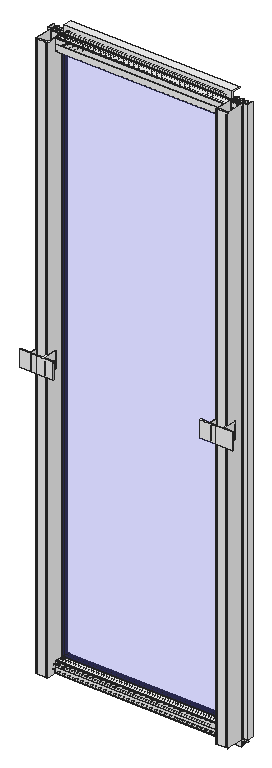
Revit family "Facade_60_Curtain_Wall_I11_Custom", category Windows, host Wall, Revit 2014
Parameters (values of type "F60-I11-Custom")
  Windload Design [instance] = if(Custom Windload < 1001 mm, 1000 mm, if(Custom Windload < 1501 mm, 1500 mm, 2000 mm))  # 1000 mm
  Width [instance] = if(Custom Curtain Wall Width < Limit Door Width Min, Limit Door Width Min, if(Custom Curtain Wall Width > Limit Door Width Max, Limit Door Width Max, Custom Curtain Wall Width))  # 1000 mm
  Wall Thickness [instance] = 200 mm
  Vertical Profile Length [instance] = Height - Frame Bottom Gap  # 2970 mm
  URL = "http://www.crealco.co.za/crealco-products.php"
  Type Comments = ""
  Thermal Resistance (R) [instance] = if(IGDB or SAGDB Number = 100100, 1.0000 (m²·K)/W / Intruderprufe U Value, if(IGDB or SAGDB Number = 100100, 1.0000 (m²·K)/W / Intruderprufe U Value, if(IGDB or SAGDB Number = 105003, 1.0000 (m²·K)/W / Intruderprufe Insulated U Value, if(IGDB or SAGDB Number = 105004, 1.0000 (m²·K)/W / Intruderprufe Insulated LowE U Value, 1.0000 (m²·K)/W / 7.9)))) * 1  # 0.126582 (m²·K)/W
  Thermal Break Material = Plastic, Opaque Black
  Solar Heat Gain Coefficient [instance] = if(IGDB or SAGDB Number = 100100, Intruderprufe SHGC Value, if(IGDB or SAGDB Number = 103200, Intruderprufe LowE SHGC Value, if(IGDB or SAGDB Number = 105003, Intruderprufe Insulated SHGC Value, if(IGDB or SAGDB Number = 105004, Intruderprufe Insulated LowE SHGC Value, 0))))  # 0
  Single Glazing [instance] = if(DG Forced, 1 = 0, not(Double Glazing))  # yes
  Sill Height = 85 mm  # constant formula
  SG Forced [instance] = not(DG Forced)  # yes
  Quarter Expansion Break = no
  Overall Width [instance] = 1000 mm
  Overall Height [instance] = 3000 mm
  Mullion Configuration = 1 mm  # constant formula
  Model = "Facade 60"
  Max System DG Unit Thickness = 25 mm  # constant formula
  Max System DG One Piece Thickness [instance] = rounddown((Max System DG Unit Thickness - DG Gasket Thickness) / 2 mm) * 1 mm  # 6 mm
  Max Pane Area [instance] = Glazing Width * Glazing Height  # 2.66032 m²
  Manufacturer = "Crealco"
  Limit Door Width Min = Limit Panel Width Min + (2 * Glazing Side Gap)  # 379.6 mm
  Limit Door Width Max = Limit Panel Width Max + (2 * Glazing Side Gap)  # 3079.6 mm
  Limit Door Height Min = Limit Panel Height Min + Glazing Top Gap + Glazing Bottom Gap  # 409.6 mm
  Limit Door Height Max = Limit Panel Height Max + Glazing Top Gap + Glazing Bottom Gap  # 6109.6 mm
  Limit Panel Width Min = 300 mm  # constant formula
  Limit Panel Width Max = 3000 mm  # constant formula
  Limit Panel Height Min = 300 mm  # constant formula
  Limit Panel Height Max = 6000 mm  # constant formula
  Sill Length [instance] = Width  # 1000 mm
  Length Sill [instance] = Width  # 1000 mm
  Keynote = ""
  Jamb Width = 60 mm  # constant formula
  Intruderprufe U Value = 0
  Intruderprufe SHGC Value = 0
  Intruderprufe LowE U Value = 0
  Intruderprufe LowE SHGC Value = 0
  Intruderprufe Insulated U Value = 0
  Intruderprufe Insulated SHGC Value = 0
  Intruderprufe Insulated LowE U Value = 0
  Intruderprufe Insulated LowE SHGC Value = 0
  Horizontal Profile Length [instance] = Width - (2 * Jamb Width)  # 880 mm
  Half Expansion Break = no
  Glazing Width [instance] = Horizontal Profile Length + (2 mm * 20.2)  # 920.4 mm
  Glazing Top Gap = 39.8 mm  # constant formula
  Glazing Side Gap = 39.8 mm  # constant formula
  Glazing Height [instance] = Height - Glazing Top Gap - Glazing Bottom Gap  # 2890.4 mm
  Glazing Gap SG [instance] = (14 mm - SG Thickness) / 2  # 3.8 mm
  Glazing Gap DG [instance] = (28 mm - (DG Thickness + DG Thickness + DG Gasket Thickness)) / 2  # 3 mm
  Glazing Bottom Gap = 69.8 mm  # constant formula
  Frame Thickness = 101.8 mm  # constant formula
  Frame Bottom Gap = 30 mm  # constant formula
  Door Leaf Height [instance] = 2050 mm
  Double Glazing [instance] = no
  DG Thickness Calc [instance] = if(not(Max Pane Area > 1.125 m²), 4 mm, if(not(Max Pane Area > 2.25 m²), 4 mm, if(not(Max Pane Area > 3.15 m²), 5 mm, if(not(Max Pane Area > 4.35 m²), 6 mm, if(not(Max Pane Area > 6.45 m²), 8 mm, 10 mm)))))  # 5 mm
  DG Thickness [instance] = if(IGDB or SAGDB Number = 105003, 6 mm, if(IGDB or SAGDB Number = 105004, 7 mm, if(DG Thickness Calc > Max System DG One Piece Thickness, Max System DG One Piece Thickness, DG Thickness Calc)))  # 5 mm
  DG Gasket Thickness = 12 mm  # constant formula
  DG Gasket Finish [instance] = Double Glazing Gasket Material
  DG Forced [instance] = if(IGDB or SAGDB Number = 100100, 1 = 0, if(IGDB or SAGDB Number = 103200, 1 = 0, if(IGDB or SAGDB Number = 105003, 1 = 1, if(IGDB or SAGDB Number = 105004, 1 = 1, Double Glazing))))  # no
  IGDB or SAGDB Number [instance] = 0
  Height [instance] = if(Custom Curtain Wall Height < Limit Door Height Min, Limit Door Height Min, if(Custom Curtain Wall Height > Limit Door Height Max, Limit Door Height Max, Custom Curtain Wall Height))  # 3000 mm
  Heat Transfer Coefficient (U) [instance] = if(IGDB or SAGDB Number = 100100, Intruderprufe U Value, if(IGDB or SAGDB Number = 103200, Intruderprufe LowE U Value, if(IGDB or SAGDB Number = 105003, Intruderprufe Insulated U Value, if(IGDB or SAGDB Number = 105004, Intruderprufe Insulated LowE U Value, 7.9)))) * 1.0000 W/(m²·K)  # 7.9000 W/(m²·K)
  SG Thickness [instance] = if(IGDB or SAGDB Number = 100100, 6 mm, if(IGDB or SAGDB Number = 103200, 7 mm, if(not(Max Pane Area > 0.75 m²), 4 mm, if(not(Max Pane Area > 1.50 m²), 4 mm, if(not(Max Pane Area > 2.10 m²), 5 mm, if(not(Max Pane Area > 2.90 m²), 6.4 mm, if(not(Max Pane Area > 4.30 m²), 8 mm, 10 mm)))))))  # 6.4 mm
  Glazing Material [instance] = if(IGDB or SAGDB Number = 100100, "PFG INTRUDERPRUFE 6.38mm", if(IGDB or SAGDB Number = 103200, "PFG INTRUDERPRUFE LOW-E 7.38mm", if(IGDB or SAGDB Number = 105003, "PFG 25mm INTRUDERPRUFE INSULATED GLASS", if(IGDB or SAGDB Number = 105004, "PFG 25mm INTRUDERPRUFE INSULATED GLASS LOW-E", "Unknown"))))  # "Unknown"
  Glazing Finish [instance] = Glass
  Glazing Code [instance] = if(IGDB or SAGDB Number = 100100, "LAM01", if(IGDB or SAGDB Number = 103200, "LAM01E", if(IGDB or SAGDB Number = 105003, "IGU25", if(IGDB or SAGDB Number = 105004, "IGU25E", "Unknown"))))  # "Unknown"
  Frame Offset [instance] = if([100mm Mullion], 130 mm, if([160mm Mullion], 160 mm, 190 mm))  # 130 mm
  Description = "Curtain Wall, I11"
  Default Sill Height = 0 mm
  Wall Closure = By host
  Custom Curtain Wall Width [instance] = 1000 mm
  Custom Curtain Wall Height [instance] = 3000 mm
  Custom Windload [instance] = 1000 mm
  Custom Anchor Height [instance] = 0 mm
  Anchor Height [instance] = if(or(Custom Anchor Height < 42.5 mm, Custom Anchor Height > (Height - 42.5 mm)), (Height / 2) - 42.5 mm, Custom Anchor Height - 42.5 mm)  # 1457.5 mm
  Aluminium Finish [instance] = White Powder Coated Aluminium ANP 1052
  All Available Glazing Numbers [instance] = "The rows below list the available glazing materials for this window:"  # constant formula
  190mm Mullion = if(Mullion Configuration = 3 mm, 1 = 1, 1 = 0)  # no
  160mm Mullion = if(Mullion Configuration = 2 mm, 1 = 1, 1 = 0)  # no
  105004 [instance] = "IGU25E"  # constant formula
  105003 [instance] = "IGU25"  # constant formula
  103200 [instance] = "LAM01E"  # constant formula
  100mm Mullion = if(or(Mullion Configuration = 2 mm, Mullion Configuration = 3 mm), 1 = 0, 1 = 1)  # yes
  100100 [instance] = "LAM01"  # constant formula
Reference planes
  plane 1 "Center (Front/Back)": y = 0
  plane 2 "Center (Left/Right)": x = 0
  plane 3 "Left": x = -500
  plane 4 "Right": x = 500
  plane 5 "Sill": z = 0
  plane 6 "Head": z = 3000
  plane 7 "Exterior": y = 100
  plane 8 "Interior": y = -100
Lines and regions (mm)
  Opening 1
    outline origin (3507.082, -100, 0) x (1, 0, 0) y (0, 0, 1)
      loop
        line (-3007.082, 0) -> (-3007.082, 3000) -> (-4007.082, 3000) -> (-4007.082, 0) -> (-3007.082, 0)
Text (mm)
  text "EXTERIOR" at (-1963.203, 1332.353, 0), in view "Ref. Level"
  text "INTERIOR" at (-1981.466, -818.386, 0), in view "Ref. Level"
  text "Exterior" at (0, 923.751, 2943.296), in view "Right"
  text "Exterior" at (0, 1040.484, 2685.409), in view "Left"
Dimensions and locks
  equal spacing: plane 3 "Left", plane 2 "Center (Left/Right)", plane 4 "Right"
  "Width": plane 3 "Left" to plane 4 "Right"
  "Height": plane 5 "Sill" to plane 6 "Head"
  "Default Sill Height": plane 5 "Sill" to level
  locked: plane 7 "Exterior" to host wall at 0
  locked: plane 8 "Interior" to host wall
  "Overall Height": plane 6 "Head" to plane 5 "Sill"
  "Overall Width": plane 3 "Left" to plane 4 "Right"
  "Wall Thickness": host wall to host wall
  "Jamb Width": nested 3 to plane 4 "Right"
  "Jamb Width": nested 5 to plane 4 "Right"
  "Frame Bottom Gap": nested 5 to level
  "Glazing Side Gap": nested 6 to plane 4 "Right"
  "Glazing Top Gap": nested 6 to plane 6 "Head"
  "Glazing Gap SG": nested 6 to nested 1
  "Glazing Side Gap": nested 7 to plane 4 "Right"
  "Glazing Top Gap": nested 7 to plane 6 "Head"
  "Glazing Gap DG": nested 7 to nested 1
  locked: nested 1 to nested 5 at 8.887
  "Frame Offset": plane 8 "Interior" to nested 1
  "Anchor Height": nested 8 to level
  "Anchor Height": nested 9 to level
  aligned and locked: plane 4 "Right" to nested 1
  aligned and locked: nested 1 to plane 6 "Head"
  aligned and locked: plane 3 "Left" to nested 2
  aligned and locked: plane 6 "Head" to nested 2
  aligned and locked: nested 3 to plane 6 "Head"
  aligned and locked: nested 1 to nested 3
  aligned and locked: nested 4 to level
  aligned and locked: plane 4 "Right" to nested 4
  aligned and locked: nested 1 to nested 2
  aligned and locked: nested 5 to nested 4
  aligned and locked: nested 1 to nested 9
  aligned and locked: plane 8 "Interior" to nested 9
  aligned and locked: nested 8 to nested 2
  aligned and locked: plane 8 "Interior" to nested 8
Automatic sketch dimensions
  plane 3 "Left" to Opening 1 sketch curve = 0 mm
  plane 4 "Right" to Opening 1 sketch curve = 0 mm
  Opening 1 sketch curve to plane 5 "Sill" = 0 mm
  Opening 1 sketch curve to plane 6 "Head" = 0 mm
Nested families
  nested 1: "F60 Vertical Profile Side_I11_Cust" at (500, 35.2, 30) x (-1, 0, 0) z (0, 0, 1), Thermal Break Material <- "Thermal Break Material", Profile Material <- "Aluminium Finish", Length <- "Vertical Profile Length", Single Glazing <- "SG Forced", Double Glazing <- "DG Forced", 100mm Mullion <- "100mm Mullion", 160mm Mullion <- "160mm Mullion", 190mm Mullion <- "190mm Mullion", Quarter Expansion Break <- "Quarter Expansion Break", Half Expansion Break <- "Half Expansion Break", type "F60 Vertical Profile Side_I11_Cust"
    with Thermal Break Material Plastic, Opaque Black, Single Glazing yes, Quarter SG Expansion Break no, Quarter Length 742.5 mm, Quarter Expansion Break no, Quarter DG Expansion Break no, Quarter 190mm Expansion Break no, Quarter 160mm Expansion Break no, Quarter 100mm Expansion Break no, Profile Material White Powder Coated Aluminium ANP 1052, Length 2970 mm, Half SG Expansion Break no, Half Length 1485 mm, Half Expansion Break no, Half DG Expansion Break no, Half 190mm Expansion Joint no, Half 160mm Expansion Break no, Half 100mm Expansion Break no, Double Glazing no, 190mm Mullion no, 160mm Mullion no, 100mm Mullion yes
  nested 2: "F60 Vertical Profile Side_I11_Cust" at (-500, 35.2, 30), Thermal Break Material <- "Thermal Break Material", Profile Material <- "Aluminium Finish", Length <- "Vertical Profile Length", Single Glazing <- "SG Forced", Double Glazing <- "DG Forced", 100mm Mullion <- "100mm Mullion", 160mm Mullion <- "160mm Mullion", 190mm Mullion <- "190mm Mullion", Quarter Expansion Break <- "Quarter Expansion Break", Half Expansion Break <- "Half Expansion Break", type "F60 Vertical Profile Side_I11_Cust"
    with Thermal Break Material Plastic, Opaque Black, Single Glazing yes, Quarter SG Expansion Break no, Quarter Length 742.5 mm, Quarter Expansion Break no, Quarter DG Expansion Break no, Quarter 190mm Expansion Break no, Quarter 160mm Expansion Break no, Quarter 100mm Expansion Break no, Profile Material White Powder Coated Aluminium ANP 1052, Length 2970 mm, Half SG Expansion Break no, Half Length 1485 mm, Half Expansion Break no, Half DG Expansion Break no, Half 190mm Expansion Joint no, Half 160mm Expansion Break no, Half 100mm Expansion Break no, Double Glazing no, 190mm Mullion no, 160mm Mullion no, 100mm Mullion yes
  nested 3: "F60 Horizontal Profile Top_I11_Cust" at (440, -14.6, 2940) x (-1, 0, 0) z (0, 0, 1), Thermal Break Material <- "Thermal Break Material", Profile Material <- "Aluminium Finish", Length <- "Horizontal Profile Length", Single Glazing <- "SG Forced", Double Glazing <- "DG Forced", type "F60 Horizontal Profile Top_I11_Cust"
    with Thermal Break Material Plastic, Opaque Black, Single Glazing yes, Profile Material White Powder Coated Aluminium ANP 1052, Length 880 mm, Double Glazing no
  nested 4: "F60 Sill_I11_Cust" at (500, 22.771, -1.88) x (-1, 0, 0) z (0, 0, 1), Profile Material <- "Aluminium Finish", Length Sill <- "Length Sill", type "F60 Sill_I11_Cust"
    with Profile Material White Powder Coated Aluminium ANP 1052, Length Sill 1000 mm
  nested 5: "F60 Horizontal Profile Bottom_I11_Cust" at (440, -14.6, 30) x (-1, 0, 0) z (0, 0, 1), Thermal Break Material <- "Thermal Break Material", Profile Material <- "Aluminium Finish", Length <- "Horizontal Profile Length", Single Glazing <- "SG Forced", Double Glazing <- "DG Forced", type "F60 Horizontal Profile Bottom_I11_Cust"
    with Thermal Break Material Plastic, Opaque Black, Single Glazing yes, Profile Material White Powder Coated Aluminium ANP 1052, Length 880 mm, Double Glazing no
  nested 6: "F60_Single_Glazing_I11_Cust" at (460.2, 45.4, 69.8), Glazing Width <- "Glazing Width", Glazing Height <- "Glazing Height", SG Thickness <- "SG Thickness", Glazing Finish <- "Glazing Finish", visible <- "SG Forced", type "F60_Single_Glazing_I11_Cust"
    with SG Thickness 6.4 mm, Glazing Width 920.4 mm, Glazing Height 2890.4 mm, Glazing Finish Glass
  nested 7: "F60_Double_Glazing_I11_Cust" at (460.2, 60.2, 69.8), Glazing Material <- "Glazing Finish", Double Glazing Gasket Material <- "DG Gasket Finish", Glazing Width <- "Glazing Width", Glazing Height <- "Glazing Height", Glazing Thickness DG <- "DG Thickness", Double Glazing Gasket Thickness <- "DG Gasket Thickness", visible <- "DG Forced", type "F60_Double_Glazing_I11_Cust"
    with Glazing Width 920.4 mm, Glazing Thickness DG 5 mm, Glazing Material Glass, Glazing Height 2890.4 mm, Double Glazing Gasket Thickness 12 mm, Double Glazing Gasket Material Double Glazing Gasket Material
  nested 8: "F60 Intermediate Anchor_I11_Cust" at (-577.715, -189.531, 1457.5), Profile Material <- "Aluminium Finish", type "F60 Intermediate Anchor_I11_Cust"
    with Profile Material White Powder Coated Aluminium ANP 1052
  nested 9: "F60 Intermediate Anchor_I11_Cust" at (360.297, -189.531, 1457.5), Profile Material <- "Aluminium Finish", type "F60 Intermediate Anchor_I11_Cust"
    with Profile Material White Powder Coated Aluminium ANP 1052
Definition of nested family "F60 Vertical Profile Side_I11_Cust"
  Parameters (values of type "F60 Vertical Profile Side")
    Quarter SG Expansion Break [instance] = if(and(Quarter Expansion Break, Single Glazing), 1 = 1, 1 = 0)  # yes
    Quarter Length [instance] = Length / 4  # 62.5 mm
    Thermal Break Material [instance] = none
    Single Glazing [instance] = yes
    Quarter Expansion Break [instance] = yes
    Quarter DG Expansion Break [instance] = if(and(Quarter Expansion Break, Double Glazing), 1 = 1, 1 = 0)  # yes
    Quarter 190mm Expansion Break [instance] = if(and(Quarter Expansion Break, [190mm Mullion]), 1 = 1, 1 = 0)  # yes
    Quarter 160mm Expansion Break [instance] = if(and(Quarter Expansion Break, [160mm Mullion]), 1 = 1, 1 = 0)  # yes
    Quarter 100mm Expansion Break [instance] = if(and(Quarter Expansion Break, [100mm Mullion]), 1 = 1, 1 = 0)  # yes
    Profile Material [instance] = none
    Length [instance] = 250 mm
    Half SG Expansion Break [instance] = if(and(Half Expansion Break, Single Glazing), 1 = 1, 1 = 0)  # yes
    Half Length [instance] = Length / 2  # 125 mm
    Half Expansion Break [instance] = yes
    Half DG Expansion Break [instance] = if(and(Half Expansion Break, Double Glazing), 1 = 1, 1 = 0)  # yes
    Half 190mm Expansion Joint [instance] = if(and(Half Expansion Break, [190mm Mullion]), 1 = 1, 1 = 0)  # yes
    Half 160mm Expansion Break [instance] = if(and(Half Expansion Break, [160mm Mullion]), 1 = 1, 1 = 0)  # yes
    Half 100mm Expansion Break [instance] = if(and(Half Expansion Break, [100mm Mullion]), 1 = 1, 1 = 0)  # yes
    Double Glazing [instance] = yes
    190mm Mullion [instance] = yes
    160mm Mullion [instance] = yes
    100mm Mullion [instance] = yes
  Reference planes
    plane 1 "Center (Front/Back)": y = 0
    plane 2: z = 0
    plane 3 "Center (Left/Right)": x = 0
  Forms (mm)
    Extrusion 1, solid, material <- "Profile Material"
      sketch origin (0, 0, 0) x (1, 0, 0) y (0, 1, 0)
        loop
          arc (25.249, -8.7) -> (25.484, -9.266) -> (26.049, -9.5) r 0.8
          line (26.049, -9.5) -> (27.1, -9.5) -> (27.1, 7) -> (32.902, 7) -> (32.902, -9.5) -> (33.951, -9.5)
          arc (33.951, -9.5) -> (34.516, -9.266) -> (34.751, -8.7) r 0.8
          line (34.751, -8.7) -> (34.751, 6.2)
          arc (34.751, 6.2) -> (34.985, 6.766) -> (35.551, 7) r 0.8
          line (35.551, 7) -> (52.1, 7) -> (52.1, 5.4) -> (50.55, 5.4) -> (50.55, 4.55)
          arc (50.55, 4.55) -> (50.726, 4.126) -> (51.15, 3.95) r 0.6
          line (51.15, 3.95) -> (52.1, 3.95) -> (52.1, 1)
          arc (52.1, 1) -> (51.6, 0.5) -> (52.1, 0) r 0.5
          line (52.1, 0) -> (54.45, 0) -> (54.45, 1.15) -> (53.3, 1.15) -> (53.3, 2.45) -> (58.8, 2.45) -> (58.8, 1.15) -> (57.65, 1.15) -> (57.65, 0) -> (59.5, 0)
          arc (59.5, 0) -> (59.854, 0.146) -> (60, 0.5) r 0.5
          line (60, 0.5) -> (60, 3.9) -> (53.55, 3.9) -> (53.55, 7.6)
          arc (53.55, 7.6) -> (53.316, 8.166) -> (52.75, 8.4) r 0.8
          line (52.75, 8.4) -> (30, 8.4) -> (7.25, 8.4)
          arc (7.25, 8.4) -> (6.684, 8.166) -> (6.45, 7.6) r 0.8
          line (6.45, 7.6) -> (6.45, 3.9) -> (0, 3.9) -> (0, 0.5)
          arc (0, 0.5) -> (0.146, 0.146) -> (0.5, 0) r 0.5
          line (0.5, 0) -> (2.35, 0) -> (2.35, 1.15) -> (1.2, 1.15) -> (1.2, 2.45) -> (6.7, 2.45) -> (6.7, 1.15) -> (5.55, 1.15) -> (5.55, 0) -> (7.9, 0)
          arc (7.9, 0) -> (8.4, 0.5) -> (7.9, 1) r 0.5
          line (7.9, 1) -> (7.9, 3.95) -> (8.85, 3.95)
          arc (8.85, 3.95) -> (9.274, 4.126) -> (9.45, 4.55) r 0.6
          line (9.45, 4.55) -> (9.45, 5.4) -> (7.9, 5.4) -> (7.9, 7) -> (24.449, 7)
          arc (24.449, 7) -> (25.015, 6.766) -> (25.249, 6.2) r 0.8
          line (25.249, 6.2) -> (25.249, -8.7)
      from 0 to 250 <- "Length"
    Extrusion 2, solid, material <- "Thermal Break Material"
      sketch origin (0, 0, 0) x (1, 0, 0) y (0, 1, 0)
        loop
          line (1.75, 9.8) -> (1.75, 5.2) -> (0, 5.2) -> (0, 3.9) -> (6.35, 3.9) -> (6.35, 7.856)
          arc (6.35, 7.856) -> (6.526, 8.281) -> (6.95, 8.456) r 0.6
          line (6.95, 8.456) -> (30, 8.456) -> (53.05, 8.456)
          arc (53.05, 8.456) -> (53.474, 8.281) -> (53.65, 7.856) r 0.6
          line (53.65, 7.856) -> (53.65, 3.9) -> (60, 3.9) -> (60, 5.2) -> (58.25, 5.2) -> (58.25, 9.8) -> (30, 9.8) -> (1.75, 9.8)
      from 0 to 250 <- "Length"
    Extrusion 3, solid, material <- "Thermal Break Material", visible <- "Single Glazing"
      sketch origin (0, 0, 0) x (1, 0, 0) y (0, 1, 0)
        loop
          line (25.749, -14.011) -> (27.672, -14.011) -> (28.481, -12.611) -> (31.518, -12.611) -> (32.327, -14.011) -> (34.249, -14.011)
          arc (34.249, -14.011) -> (34.603, -13.864) -> (34.749, -13.511) r 0.5
          line (34.749, -13.511) -> (34.749, -10.011)
          arc (34.749, -10.011) -> (34.603, -9.657) -> (34.249, -9.511) r 0.5
          line (34.249, -9.511) -> (32.352, -9.511) -> (32.352, 0.19) -> (31.349, 2.261)
          arc (31.349, 2.261) -> (29.999, 2.986) -> (28.649, 2.261) r 1.62
          line (28.649, 2.261) -> (27.647, 0.19) -> (27.647, -9.511) -> (25.749, -9.511)
          arc (25.749, -9.511) -> (25.396, -9.657) -> (25.249, -10.011) r 0.5
          line (25.249, -10.011) -> (25.249, -13.511)
          arc (25.249, -13.511) -> (25.396, -13.864) -> (25.749, -14.011) r 0.5
        loop
          line (28.504, -10.005) -> (28.504, -10.861)
          arc (28.504, -10.861) -> (28.651, -11.214) -> (29.004, -11.361) r 0.5
          line (29.004, -11.361) -> (30.994, -11.361)
          arc (30.994, -11.361) -> (31.348, -11.214) -> (31.494, -10.861) r 0.5
          line (31.494, -10.861) -> (31.494, -10.005) -> (30.708, -9.219)
          arc (30.708, -9.219) -> (30.383, -9.001) -> (29.999, -8.924) r 1.007
          arc (29.999, -8.924) -> (29.616, -8.999) -> (29.292, -9.217) r 0.986
          line (29.292, -9.217) -> (28.504, -10.005)
        loop
          arc (30.896, 1.935) -> (29.887, 2.44) -> (29.005, 1.735) r 1.047
          line (29.005, 1.735) -> (28.347, 0.374) -> (28.347, -6.993)
          arc (28.347, -6.993) -> (28.583, -7.417) -> (29.068, -7.441) r 0.5
          arc (29.068, -7.441) -> (29.999, -7.223) -> (30.93, -7.441) r 2.099
          arc (30.93, -7.441) -> (31.416, -7.417) -> (31.652, -6.993) r 0.5
          line (31.652, -6.993) -> (31.652, 0.374) -> (30.896, 1.935)
      from 0 to 250 <- "Length"
    Extrusion 4, solid, material <- "Profile Material", visible <- "Single Glazing"
      sketch origin (0, 0, 0) x (1, 0, 0) y (0, 1, 0)
        loop
          line (52.693, -14.011) -> (32.327, -14.011) -> (31.519, -12.611) -> (28.481, -12.611) -> (27.673, -14.011) -> (7.307, -14.011) -> (7.307, -15.011) -> (8.457, -15.011) -> (8.457, -16.261) -> (2.957, -16.261) -> (2.957, -15.011) -> (4.107, -15.011) -> (4.107, -14.011) -> (1.707, -14.011)
          arc (1.707, -14.011) -> (1.199, -14.293) -> (1.168, -14.873) r 0.6
          line (1.168, -14.873) -> (2.093, -16.772) -> (1.015, -17.298) -> (1.484, -18.261) -> (11.488, -18.261)
          arc (11.488, -18.261) -> (11.913, -18.085) -> (12.088, -17.661) r 0.6
          line (12.088, -17.661) -> (12.088, -16.811) -> (47.912, -16.811) -> (47.912, -17.661)
          arc (47.912, -17.661) -> (48.088, -18.085) -> (48.512, -18.261) r 0.6
          line (48.512, -18.261) -> (58.518, -18.261) -> (58.987, -17.298) -> (57.908, -16.772) -> (58.834, -14.874)
          arc (58.834, -14.874) -> (58.802, -14.293) -> (58.293, -14.011) r 0.6
          line (58.293, -14.011) -> (55.893, -14.011) -> (55.893, -15.011) -> (57.043, -15.011) -> (57.043, -16.261) -> (51.543, -16.261) -> (51.543, -15.011) -> (52.693, -15.011) -> (52.693, -14.011)
      from 0 to 250 <- "Length"
    Extrusion 5, solid, material <- "Profile Material", visible <- "Single Glazing"
      sketch origin (0, 0, 0) x (1, 0, 0) y (0, 1, 0)
        loop
          line (2.801, -18.261) -> (1.484, -18.261) -> (1.015, -17.298) -> (2.093, -16.772) -> (0.779, -14.076)
          arc (0.779, -14.076) -> (0.239, -14.21) -> (0.001, -14.713) r 0.65
          line (0.001, -14.713) -> (0.001, -28.068)
          arc (0.001, -28.068) -> (1.172, -30.897) -> (4.001, -32.068) r 4
          line (4.001, -32.068) -> (30.001, -32.068) -> (56.001, -32.068)
          arc (56.001, -32.068) -> (58.829, -30.897) -> (60.001, -28.068) r 4
          line (60.001, -28.068) -> (60.001, -14.713)
          arc (60.001, -14.713) -> (59.763, -14.21) -> (59.223, -14.076) r 0.65
          line (59.223, -14.076) -> (57.908, -16.772) -> (58.987, -17.298) -> (58.518, -18.261) -> (57.201, -18.261)
          arc (57.201, -18.261) -> (56.83, -18.425) -> (56.703, -18.811) r 0.5
          arc (56.703, -18.811) -> (56.83, -19.196) -> (57.201, -19.361) r 0.5
          line (57.201, -19.361) -> (58.951, -19.361) -> (58.951, -27.968)
          arc (58.951, -27.968) -> (58.131, -29.948) -> (56.151, -30.768) r 2.8
          line (56.151, -30.768) -> (30.001, -30.768) -> (3.851, -30.768)
          arc (3.851, -30.768) -> (1.871, -29.948) -> (1.051, -27.968) r 2.8
          line (1.051, -27.968) -> (1.051, -19.361) -> (2.801, -19.361)
          arc (2.801, -19.361) -> (3.172, -19.196) -> (3.298, -18.811) r 0.5
          arc (3.298, -18.811) -> (3.172, -18.425) -> (2.801, -18.261) r 0.5
      from 0 to 250 <- "Length"
    Extrusion 6, solid, material <- "Profile Material", visible <- "100mm Mullion"
      sketch origin (0, 0, 0) x (1, 0, 0) y (0, 1, 0)
        loop
          line (14.02, 13) -> (45.98, 13)
          arc (45.98, 13) -> (46.539, 12.842) -> (46.917, 12.4) r 1
          arc (46.917, 12.4) -> (47.285, 11.963) -> (47.833, 11.8) r 1
          line (47.833, 11.8) -> (58.15, 11.8) -> (58.15, 96.3) -> (47.833, 96.3)
          arc (47.833, 96.3) -> (47.285, 96.137) -> (46.917, 95.7) r 1
          arc (46.917, 95.7) -> (46.548, 95.263) -> (46, 95.1) r 1
          line (46, 95.1) -> (14, 95.1)
          arc (14, 95.1) -> (13.452, 95.263) -> (13.083, 95.7) r 1
          arc (13.083, 95.7) -> (12.715, 96.137) -> (12.167, 96.3) r 1
          line (12.167, 96.3) -> (1.85, 96.3) -> (1.85, 11.8) -> (12.167, 11.8)
          arc (12.167, 11.8) -> (12.715, 11.963) -> (13.083, 12.4) r 1
          arc (13.083, 12.4) -> (13.461, 12.842) -> (14.02, 13) r 1
        loop
          line (1.65, 9.856) -> (58.35, 9.856) -> (58.35, 5.2) -> (60, 5.2) -> (60, 98.8)
          arc (60, 98.8) -> (59.707, 99.507) -> (59, 99.8) r 1
          line (59, 99.8) -> (1, 99.8)
          arc (1, 99.8) -> (0.293, 99.507) -> (0, 98.8) r 1
          line (0, 98.8) -> (0, 5.2) -> (1.65, 5.2) -> (1.65, 9.856)
      from 0 to 250 <- "Length"
    Extrusion 7, solid, material <- "Profile Material", visible <- "160mm Mullion"
      sketch origin (0, 0, 0) x (1, 0, 0) y (0, 1, 0)
        loop
          arc (2.35, 15.6) -> (2.526, 15.176) -> (2.95, 15) r 0.6
          line (2.95, 15) -> (57.05, 15)
          arc (57.05, 15) -> (57.474, 15.176) -> (57.65, 15.6) r 0.6
          line (57.65, 15.6) -> (57.65, 153.7)
          arc (57.65, 153.7) -> (57.474, 154.124) -> (57.05, 154.3) r 0.6
          line (57.05, 154.3) -> (47.833, 154.3)
          arc (47.833, 154.3) -> (47.285, 154.137) -> (46.917, 153.7) r 1
          arc (46.917, 153.7) -> (46.548, 153.263) -> (46, 153.1) r 1
          line (46, 153.1) -> (14, 153.1)
          arc (14, 153.1) -> (13.452, 153.263) -> (13.083, 153.7) r 1
          arc (13.083, 153.7) -> (12.715, 154.137) -> (12.167, 154.3) r 1
          line (12.167, 154.3) -> (2.95, 154.3)
          arc (2.95, 154.3) -> (2.526, 154.124) -> (2.35, 153.7) r 0.6
          line (2.35, 153.7) -> (2.35, 15.6)
        loop
          arc (1, 159.8) -> (0.293, 159.507) -> (0, 158.8) r 1
          line (0, 158.8) -> (0, 5.2) -> (1.65, 5.2) -> (1.65, 10.013) -> (58.35, 10.013) -> (58.35, 5.2) -> (60, 5.2) -> (60, 158.8)
          arc (60, 158.8) -> (59.707, 159.507) -> (59, 159.8) r 1
          line (59, 159.8) -> (1, 159.8)
      from 0 to 250 <- "Length"
    Extrusion 8, solid, material <- "Profile Material", visible <- "190mm Mullion"
      sketch origin (0, 0, 0) x (1, 0, 0) y (0, 1, 0)
        loop
          line (57.25, 15.1) -> (57.25, 178.3)
          arc (57.25, 178.3) -> (56.957, 179.007) -> (56.25, 179.3) r 1
          line (56.25, 179.3) -> (3.75, 179.3)
          arc (3.75, 179.3) -> (3.043, 179.007) -> (2.75, 178.3) r 1
          line (2.75, 178.3) -> (2.75, 15.1)
          arc (2.75, 15.1) -> (2.984, 14.534) -> (3.55, 14.3) r 0.8
          line (3.55, 14.3) -> (56.45, 14.3)
          arc (56.45, 14.3) -> (57.016, 14.534) -> (57.25, 15.1) r 0.8
        loop
          line (60, 5.2) -> (60, 188.8)
          arc (60, 188.8) -> (59.707, 189.507) -> (59, 189.8) r 1
          line (59, 189.8) -> (1, 189.8)
          arc (1, 189.8) -> (0.293, 189.507) -> (0, 188.8) r 1
          line (0, 188.8) -> (0, 5.2) -> (1.65, 5.2) -> (1.65, 9.856) -> (58.35, 9.856) -> (58.35, 5.2) -> (60, 5.2)
      from 0 to 250 <- "Length"
    Extrusion 9, solid, material <- "Thermal Break Material", visible <- "Double Glazing"
      sketch origin (0, 0, 0) x (1, 0, 0) y (0, 1, 0)
        loop
          line (27.672, -28) -> (28.48, -26.6) -> (31.518, -26.6) -> (32.326, -28) -> (34.249, -28)
          arc (34.249, -28) -> (34.603, -27.854) -> (34.749, -27.5) r 0.5
          line (34.749, -27.5) -> (34.749, -10)
          arc (34.749, -10) -> (34.603, -9.646) -> (34.249, -9.5) r 0.5
          line (34.249, -9.5) -> (32.352, -9.5) -> (32.352, 0.198) -> (31.348, 2.272)
          arc (31.348, 2.272) -> (29.998, 2.997) -> (28.648, 2.272) r 1.62
          line (28.648, 2.272) -> (27.645, 0.201) -> (27.645, -9.5) -> (25.749, -9.5)
          arc (25.749, -9.5) -> (25.396, -9.646) -> (25.249, -10) r 0.5
          line (25.249, -10) -> (25.249, -27.5)
          arc (25.249, -27.5) -> (25.396, -27.854) -> (25.749, -28) r 0.5
          line (25.749, -28) -> (27.672, -28)
        loop
          arc (30.706, -9.206) -> (30.382, -8.99) -> (29.999, -8.913) r 1.007
          arc (29.999, -8.913) -> (29.616, -8.988) -> (29.292, -9.206) r 0.986
          line (29.292, -9.206) -> (27.142, -11.356)
          arc (27.142, -11.356) -> (26.926, -11.68) -> (26.849, -12.063) r 1
          line (26.849, -12.063) -> (26.849, -24)
          arc (26.849, -24) -> (27.142, -24.707) -> (27.849, -25) r 1
          line (27.849, -25) -> (32.149, -25)
          arc (32.149, -25) -> (32.856, -24.707) -> (33.149, -24) r 1
          line (33.149, -24) -> (33.149, -12.063)
          arc (33.149, -12.063) -> (33.073, -11.68) -> (32.856, -11.356) r 1
          line (32.856, -11.356) -> (30.706, -9.206)
        loop
          arc (28.345, -6.982) -> (28.581, -7.407) -> (29.067, -7.43) r 0.5
          arc (29.067, -7.43) -> (29.998, -7.213) -> (30.929, -7.43) r 2.099
          arc (30.929, -7.43) -> (31.414, -7.407) -> (31.651, -6.982) r 0.5
          line (31.651, -6.982) -> (31.651, 0.385) -> (30.895, 1.946)
          arc (30.895, 1.946) -> (29.885, 2.45) -> (29.004, 1.745) r 1.047
          line (29.004, 1.745) -> (28.345, 0.385) -> (28.345, -6.982)
      from 0 to 250 <- "Length"
    Extrusion 10, solid, material <- "Profile Material", visible <- "Double Glazing"
      sketch origin (0, 0, 0) x (1, 0, 0) y (0, 1, 0)
        loop
          line (52.692, -28) -> (32.327, -28) -> (31.518, -26.6) -> (28.48, -26.6) -> (27.672, -28) -> (7.306, -28) -> (7.306, -29) -> (8.456, -29) -> (8.456, -30.25) -> (2.956, -30.25) -> (2.956, -29) -> (4.106, -29) -> (4.106, -28) -> (1.706, -28)
          arc (1.706, -28) -> (1.198, -28.282) -> (1.167, -28.863) r 0.6
          line (1.167, -28.863) -> (2.093, -30.762) -> (1.014, -31.288) -> (1.483, -32.25) -> (11.488, -32.25)
          arc (11.488, -32.25) -> (11.912, -32.074) -> (12.088, -31.65) r 0.6
          line (12.088, -31.65) -> (12.088, -30.8) -> (47.911, -30.8) -> (47.911, -31.65)
          arc (47.911, -31.65) -> (48.087, -32.074) -> (48.511, -32.25) r 0.6
          line (48.511, -32.25) -> (58.517, -32.25) -> (58.986, -31.288) -> (57.907, -30.762) -> (58.833, -28.864)
          arc (58.833, -28.864) -> (58.801, -28.282) -> (58.292, -28) r 0.6
          line (58.292, -28) -> (55.892, -28) -> (55.892, -29) -> (57.042, -29) -> (57.042, -30.25) -> (51.542, -30.25) -> (51.542, -29) -> (52.692, -29) -> (52.692, -28)
      from 0 to 250 <- "Length"
    Extrusion 11, solid, material <- "Profile Material", visible <- "Double Glazing"
      sketch origin (0, 0, 0) x (1, 0, 0) y (0, 1, 0)
        loop
          line (2.8, -32.25) -> (1.483, -32.25) -> (1.014, -31.288) -> (2.093, -30.762) -> (0.778, -28.065)
          arc (0.778, -28.065) -> (0.238, -28.2) -> (0, -28.702) r 0.65
          line (0, -28.702) -> (0, -42.058)
          arc (0, -42.058) -> (1.172, -44.886) -> (4, -46.058) r 4
          line (4, -46.058) -> (30, -46.058) -> (56, -46.058)
          arc (56, -46.058) -> (58.828, -44.886) -> (60, -42.058) r 4
          line (60, -42.058) -> (60, -28.702)
          arc (60, -28.702) -> (59.762, -28.2) -> (59.222, -28.065) r 0.65
          line (59.222, -28.065) -> (57.907, -30.762) -> (58.986, -31.288) -> (58.517, -32.25) -> (57.2, -32.25)
          arc (57.2, -32.25) -> (56.829, -32.415) -> (56.703, -32.8) r 0.5
          arc (56.703, -32.8) -> (56.829, -33.185) -> (57.2, -33.35) r 0.5
          line (57.2, -33.35) -> (58.95, -33.35) -> (58.95, -41.958)
          arc (58.95, -41.958) -> (58.13, -43.938) -> (56.15, -44.758) r 2.8
          line (56.15, -44.758) -> (30, -44.758) -> (3.85, -44.758)
          arc (3.85, -44.758) -> (1.87, -43.938) -> (1.05, -41.958) r 2.8
          line (1.05, -41.958) -> (1.05, -33.35) -> (2.8, -33.35)
          arc (2.8, -33.35) -> (3.171, -33.185) -> (3.297, -32.8) r 0.5
          arc (3.297, -32.8) -> (3.171, -32.415) -> (2.8, -32.25) r 0.5
      from 0 to 250 <- "Length"
    Extrusion 12, solid, material <- "Profile Material", visible <- "Single Glazing"
      sketch origin (0, 0, 0) x (1, 0, 0) y (0, 1, 0)
        loop
          line (10.403, -10.171) -> (10.403, -3.821) -> (-21.349, -3.821) -> (-21.349, -35.567) -> (-14.999, -35.567) -> (-14.999, -10.171) -> (10.403, -10.171)
      from 0 to 250 <- "Length"
    Extrusion 13, solid, material <- "Profile Material", visible <- "Double Glazing"
      sketch origin (0, 0, 0) x (1, 0, 0) y (0, 1, 0)
        loop
          line (10.402, -7.775) -> (10.402, -1.425) -> (-21.35, -1.425) -> (-21.35, -33.172) -> (-15, -33.172) -> (-15, -7.775) -> (10.402, -7.775)
      from 0 to 250 <- "Length"
    Extrusion 14, solid, material <- "Profile Material", visible <- "Double Glazing"
      sketch origin (0, 0, 0) x (1, 0, 0) y (0, 1, 0)
        loop
          line (12, -7.775) -> (0, -7.775) -> (0, -25.775) -> (12, -25.775) -> (12, -7.775)
        loop
          line (10.8, -8.975) -> (1.2, -8.975) -> (1.2, -24.575) -> (10.8, -24.575) -> (10.8, -8.975)
      from 0 to 250 <- "Length"
  Lines and regions (mm)
    model lines, style "GenericModelHiddenLines", visible <- "Half 100mm Expansion Break"
      curve 1: line (60, 5.2, 125) -> (60, 95.2, 125)
      curve 2: line (60, 99.8, 125) -> (0, 99.8, 125)
      curve 8: line (0, 5.2, 125) -> (0, 95.2, 125)
    model lines, style "GenericModelHiddenLines", visible <- "Quarter 100mm Expansion Break"
      curve 3: line (60, 5.2, 187.5) -> (60, 95.2, 187.5)
      curve 4: line (60, 5.2, 62.5) -> (60, 95.2, 62.5)
      curve 5: line (60, 99.8, 62.5) -> (0, 99.8, 62.5)
      curve 6: line (60, 99.8, 187.5) -> (0, 99.8, 187.5)
      curve 7: line (0, 5.2, 187.5) -> (0, 95.2, 187.5)
      curve 9: line (0, 5.2, 62.5) -> (0, 95.2, 62.5)
    model lines, style "GenericModelHiddenLines", visible <- "Half SG Expansion Break"
      curve 10: line (4.107, -32.068, 125) -> (55.893, -32.068, 125)
      curve 14: line (60.001, -14.011, 125) -> (60.001, -32.068, 125)
    model lines, style "GenericModelHiddenLines", visible <- "Quarter SG Expansion Break"
      curve 11: line (4.107, -32.068, 187.5) -> (56.703, -32.068, 187.5)
      curve 12: line (4.107, -32.068, 62.5) -> (56.703, -32.068, 62.5)
      curve 13: line (60.001, -14.011, 187.5) -> (60.001, -32.068, 187.5)
      curve 15: line (60.001, -14.011, 62.5) -> (60.001, -32.068, 62.5)
    model lines, style "GenericModelHiddenLines", visible <- "Quarter 160mm Expansion Break"
      curve 16: line (0, 5.2, 187.5) -> (0, 155.2, 187.5)
      curve 18: line (0, 5.2, 62.5) -> (0, 155.2, 62.5)
      curve 19: line (0, 159.8, 187.5) -> (60, 159.8, 187.5)
      curve 21: line (0, 159.8, 62.5) -> (60, 159.8, 62.5)
      curve 22: line (60, 5.2, 187.5) -> (60, 155.2, 187.5)
      curve 24: line (60, 5.2, 62.5) -> (60, 155.2, 62.5)
    model lines, style "GenericModelHiddenLines", visible <- "Half 160mm Expansion Break"
      curve 17: line (0, 5.2, 125) -> (0, 155.2, 125)
      curve 20: line (0, 159.8, 125) -> (60, 159.8, 125)
      curve 23: line (60, 5.2, 125) -> (60, 155.2, 125)
    model lines, style "GenericModelHiddenLines", visible <- "Quarter 190mm Expansion Break"
      curve 25: line (0, 5.2, 187.5) -> (0, 185.2, 187.5)
      curve 27: line (0, 5.2, 62.5) -> (0, 185.2, 62.5)
      curve 28: line (0.779, 189.8, 187.5) -> (59.222, 189.8, 187.5)
      curve 30: line (0.779, 189.8, 62.5) -> (59.222, 189.8, 62.5)
      curve 31: line (60, 5.2, 187.5) -> (60, 185.2, 187.5)
      curve 33: line (60, 5.2, 62.5) -> (60, 185.2, 62.5)
    model lines, style "GenericModelHiddenLines", visible <- "Half 190mm Expansion Joint"
      curve 26: line (0, 5.2, 125) -> (0, 185.2, 125)
      curve 29: line (0.779, 189.8, 125) -> (59.222, 189.8, 125)
      curve 32: line (60, 5.2, 125) -> (60, 185.2, 125)
    model lines, style "GenericModelHiddenLines", visible <- "Quarter DG Expansion Break"
      curve 34: line (60, -28.065, 187.5) -> (60, -46.074, 187.5)
      curve 36: line (60, -28.065, 62.5) -> (60, -46.027, 62.5)
      curve 37: line (59.222, -46.058, 187.5) -> (0.779, -46.058, 187.5)
      curve 39: line (59.222, -46.058, 62.5) -> (0.779, -46.058, 62.5)
    model lines, style "GenericModelHiddenLines", visible <- "Half DG Expansion Break"
      curve 35: line (60, -28.065, 125) -> (60, -46.074, 125)
      curve 38: line (59.222, -46.058, 125) -> (0.779, -46.058, 125)
  Dimensions and locks
    "Half Length": curve 1 to level
    "Half Length": level to curve 2
    "Quarter Length": curve 4 to level
    "Quarter Length": Extrusion 8 to curve 3
    "Quarter Length": level to curve 5
    "Quarter Length": curve 6 to Extrusion 6
    "Quarter Length": curve 9 to level
    "Half Length": curve 8 to level
    "Quarter Length": Extrusion 8 to curve 7
    "Quarter Length": curve 12 to level
    "Half Length": curve 10 to level
    "Quarter Length": Extrusion 5 to curve 11
    "Quarter Length": curve 15 to level
    "Half Length": curve 14 to level
    "Quarter Length": Extrusion 5 to curve 13
    "Quarter Length": Extrusion 7 to curve 18
    "Half Length": Extrusion 7 to curve 17
    "Quarter Length": Extrusion 7 to curve 16
    "Quarter Length": Extrusion 7 to curve 21
    "Quarter Length": curve 19 to Extrusion 7
    "Half Length": Extrusion 7 to curve 20
    "Quarter Length": Extrusion 7 to curve 24
    "Quarter Length": Extrusion 7 to curve 22
    "Half Length": Extrusion 7 to curve 23
    "Quarter Length": Extrusion 8 to curve 27
    "Quarter Length": Extrusion 8 to curve 25
    "Half Length": Extrusion 8 to curve 26
    "Quarter Length": Extrusion 8 to curve 30
    "Quarter Length": curve 28 to Extrusion 8
    "Half Length": Extrusion 8 to curve 29
    "Quarter Length": Extrusion 8 to curve 33
    "Quarter Length": Extrusion 8 to curve 31
    "Half Length": Extrusion 8 to curve 32
    "Quarter Length": Extrusion 11 to curve 36
    "Quarter Length": Extrusion 11 to curve 34
    "Half Length": Extrusion 11 to curve 35
    "Quarter Length": Extrusion 11 to curve 37
    "Quarter Length": curve 39 to Extrusion 11
    "Half Length": curve 38 to Extrusion 11
    aligned and locked: level to plane 2
  Automatic sketch dimensions
    Extrusion 1 sketch curve to plane 3 "Center (Left/Right)" = 0 mm
    plane 1 "Center (Front/Back)" to Extrusion 1 sketch curve = 0 mm  (x4)
    plane 3 "Center (Left/Right)" to Extrusion 1 sketch curve = 0.5 mm
    Extrusion 1 sketch curve to Extrusion 1 sketch curve = 0.7 mm  (x2)
    Extrusion 1 sketch curve to Extrusion 1 sketch curve = 1.15 mm  (x4)
    Extrusion 1 sketch curve to Extrusion 1 sketch curve = 3.2 mm  (x2)
    Extrusion 1 sketch curve to Extrusion 1 sketch curve = 0.9 mm
    Extrusion 1 sketch curve to Extrusion 1 sketch curve = 0.25 mm
    Extrusion 1 sketch curve to Extrusion 1 sketch curve = 0.8 mm  (x7)
    Extrusion 1 sketch curve to Extrusion 1 sketch curve = 1.45 mm  (x2)
    Extrusion 1 sketch curve to Extrusion 1 sketch curve = 0.65 mm  (x3)
    Extrusion 1 sketch curve to Extrusion 1 sketch curve = 0.95 mm  (x3)
    Extrusion 1 sketch curve to Extrusion 1 sketch curve = 0.6 mm  (x3)
    Extrusion 1 sketch curve to plane 1 "Center (Front/Back)" = 7 mm
    Extrusion 1 sketch curve to Extrusion 1 sketch curve = 14.999 mm  (x2)
    plane 1 "Center (Front/Back)" to Extrusion 1 sketch curve = 8.7 mm
    Extrusion 1 sketch curve to Extrusion 1 sketch curve = 1.85 mm
    Extrusion 1 sketch curve to Extrusion 1 sketch curve = 2.9 mm
    Extrusion 1 sketch curve to Extrusion 1 sketch curve = 5.802 mm
    Extrusion 1 sketch curve to Extrusion 1 sketch curve = 1.049 mm
    Extrusion 1 sketch curve to plane 1 "Center (Front/Back)" = 4.55 mm
    Extrusion 1 sketch curve to plane 1 "Center (Front/Back)" = 0.5 mm  (x3)
    Extrusion 1 sketch curve to Extrusion 1 sketch curve = 1.2 mm
    Extrusion 1 sketch curve to plane 1 "Center (Front/Back)" = 1.15 mm  (x2)
    Extrusion 1 sketch curve to Extrusion 1 sketch curve = 0 mm
    Extrusion 1 sketch curve to Extrusion 1 sketch curve = 1.3 mm  (x2)
    Extrusion 1 sketch curve to Extrusion 1 sketch curve = 0.05 mm  (x2)
    Extrusion 1 sketch curve to Extrusion 1 sketch curve = 0.85 mm  (x2)
    Extrusion 1 sketch curve to plane 1 "Center (Front/Back)" = 6.2 mm
    Extrusion 2 sketch curve to plane 3 "Center (Left/Right)" = 0 mm
    plane 3 "Center (Left/Right)" to Extrusion 2 sketch curve = 1.75 mm
    Extrusion 2 sketch curve to Extrusion 2 sketch curve = 4.6 mm  (x4)
    Extrusion 2 sketch curve to Extrusion 2 sketch curve = 0.6 mm  (x2)
    Extrusion 2 sketch curve to plane 1 "Center (Front/Back)" = 9.8 mm
    Extrusion 2 sketch curve to Extrusion 2 sketch curve = 23.05 mm  (x2)
    Extrusion 2 sketch curve to Extrusion 2 sketch curve = 0 mm
    Extrusion 2 sketch curve to plane 1 "Center (Front/Back)" = 8.456 mm
    Extrusion 2 sketch curve to Extrusion 2 sketch curve = 1.75 mm
    Extrusion 2 sketch curve to plane 1 "Center (Front/Back)" = 3.9 mm  (x2)
    plane 3 "Center (Left/Right)" to Extrusion 3 sketch curve = 25.249 mm
    Extrusion 3 sketch curve to Extrusion 3 sketch curve = 0.5 mm  (x6)
    Extrusion 3 sketch curve to plane 1 "Center (Front/Back)" = 0.19 mm  (x2)
    Extrusion 3 sketch curve to Extrusion 3 sketch curve = 1.897 mm  (x2)
    Extrusion 3 sketch curve to Extrusion 3 sketch curve = 1.922 mm  (x2)
    Extrusion 3 sketch curve to plane 1 "Center (Front/Back)" = 0.374 mm  (x2)
    Extrusion 3 sketch curve to Extrusion 3 sketch curve = 0.7 mm  (x2)
    plane 1 "Center (Front/Back)" to Extrusion 3 sketch curve = 12.611 mm
    Extrusion 3 sketch curve to Extrusion 3 sketch curve = 0.809 mm
    Extrusion 3 sketch curve to Extrusion 3 sketch curve = 0.858 mm
    Extrusion 3 sketch curve to plane 1 "Center (Front/Back)" = 2.261 mm  (x2)
    Extrusion 3 sketch curve to Extrusion 3 sketch curve = 0.303 mm
    Extrusion 3 sketch curve to plane 1 "Center (Front/Back)" = 1.735 mm
    Extrusion 3 sketch curve to Extrusion 3 sketch curve = 0.356 mm
    plane 1 "Center (Front/Back)" to Extrusion 3 sketch curve = 9.217 mm
    Extrusion 3 sketch curve to Extrusion 3 sketch curve = 0.788 mm
    Extrusion 3 sketch curve to Extrusion 3 sketch curve = 0.701 mm
    Extrusion 3 sketch curve to Extrusion 3 sketch curve = 0.003 mm
    Extrusion 3 sketch curve to Extrusion 3 sketch curve = 0.992 mm
    Extrusion 3 sketch curve to Extrusion 3 sketch curve = 0.006 mm
    Extrusion 3 sketch curve to Extrusion 3 sketch curve = 0.002 mm
    plane 1 "Center (Front/Back)" to Extrusion 3 sketch curve = 9.219 mm
    Extrusion 3 sketch curve to Extrusion 3 sketch curve = 0.709 mm
    Extrusion 3 sketch curve to plane 1 "Center (Front/Back)" = 1.935 mm
    Extrusion 3 sketch curve to Extrusion 3 sketch curve = 0.899 mm
    Extrusion 3 sketch curve to Extrusion 3 sketch curve = 0.998 mm
    Extrusion 3 sketch curve to Extrusion 3 sketch curve = 0.444 mm
    Extrusion 3 sketch curve to Extrusion 3 sketch curve = 0.524 mm
    Extrusion 3 sketch curve to Extrusion 3 sketch curve = 0.756 mm
    Extrusion 3 sketch curve to Extrusion 3 sketch curve = 0.808 mm
    Extrusion 3 sketch curve to Extrusion 3 sketch curve = 0.9 mm  (x2)
    Extrusion 3 sketch curve to Extrusion 3 sketch curve = 1.25 mm
    Extrusion 3 sketch curve to Extrusion 3 sketch curve = 0.85 mm  (x2)
    Extrusion 3 sketch curve to Extrusion 3 sketch curve = 0.856 mm  (x2)
    Extrusion 3 sketch curve to Extrusion 3 sketch curve = 0.714 mm
    Extrusion 3 sketch curve to Extrusion 3 sketch curve = 0.02 mm
    Extrusion 3 sketch curve to Extrusion 3 sketch curve = 0.399 mm
    Extrusion 3 sketch curve to Extrusion 3 sketch curve = 2.224 mm
    Extrusion 3 sketch curve to Extrusion 3 sketch curve = 0.448 mm
    Extrusion 3 sketch curve to Extrusion 3 sketch curve = 0.032 mm
    Extrusion 3 sketch curve to Extrusion 3 sketch curve = 0 mm
    plane 3 "Center (Left/Right)" to Extrusion 4 sketch curve = 1.015 mm
    Extrusion 4 sketch curve to Extrusion 4 sketch curve = 0.469 mm
    plane 3 "Center (Left/Right)" to Extrusion 4 sketch curve = 1.707 mm
    Extrusion 4 sketch curve to Extrusion 4 sketch curve = 1.079 mm
    Extrusion 4 sketch curve to Extrusion 4 sketch curve = 0.864 mm
    Extrusion 4 sketch curve to Extrusion 4 sketch curve = 1.15 mm  (x4)
    Extrusion 4 sketch curve to Extrusion 4 sketch curve = 3.2 mm  (x2)
    Extrusion 4 sketch curve to Extrusion 4 sketch curve = 3.031 mm  (x2)
    Extrusion 4 sketch curve to Extrusion 4 sketch curve = 0.6 mm  (x3)
    Extrusion 4 sketch curve to Extrusion 4 sketch curve = 15.584 mm  (x2)
    plane 1 "Center (Front/Back)" to Extrusion 4 sketch curve = 12.611 mm
    Extrusion 4 sketch curve to Extrusion 4 sketch curve = 0.808 mm  (x2)
    Extrusion 4 sketch curve to Extrusion 4 sketch curve = 3.038 mm
    plane 1 "Center (Front/Back)" to Extrusion 4 sketch curve = 14.011 mm
    plane 1 "Center (Front/Back)" to Extrusion 4 sketch curve = 16.772 mm
    Extrusion 4 sketch curve to Extrusion 4 sketch curve = 0.865 mm
    Extrusion 4 sketch curve to Extrusion 4 sketch curve = 1.25 mm  (x4)
    plane 1 "Center (Front/Back)" to Extrusion 4 sketch curve = 18.261 mm
    Extrusion 4 sketch curve to Extrusion 4 sketch curve = 0.61 mm
    plane 1 "Center (Front/Back)" to Extrusion 4 sketch curve = 17.298 mm
    Extrusion 4 sketch curve to Extrusion 4 sketch curve = 5.65 mm
    Extrusion 4 sketch curve to Extrusion 4 sketch curve = 0.962 mm
    Extrusion 4 sketch curve to Extrusion 4 sketch curve = 0.85 mm
    Extrusion 4 sketch curve to Extrusion 4 sketch curve = 0.512 mm  (x2)
    Extrusion 4 sketch curve to Extrusion 4 sketch curve = 1 mm  (x2)
    Extrusion 4 sketch curve to Extrusion 4 sketch curve = 0.4 mm  (x2)
    Extrusion 4 sketch curve to Extrusion 4 sketch curve = 1.4 mm
    Extrusion 4 sketch curve to Extrusion 4 sketch curve = 0.539 mm  (x2)
    Extrusion 4 sketch curve to Extrusion 4 sketch curve = 0 mm
    plane 1 "Center (Front/Back)" to Extrusion 4 sketch curve = 14.874 mm
    plane 3 "Center (Left/Right)" to Extrusion 5 sketch curve = 0.001 mm
    Extrusion 5 sketch curve to Extrusion 5 sketch curve = 0.65 mm  (x2)
    Extrusion 5 sketch curve to Extrusion 5 sketch curve = 0.128 mm  (x2)
    plane 3 "Center (Left/Right)" to Extrusion 5 sketch curve = 1.015 mm
    plane 3 "Center (Left/Right)" to Extrusion 5 sketch curve = 1.051 mm
    Extrusion 5 sketch curve to Extrusion 5 sketch curve = 0.469 mm  (x2)
    Extrusion 5 sketch curve to Extrusion 5 sketch curve = 1.079 mm
    Extrusion 5 sketch curve to Extrusion 5 sketch curve = 1.317 mm  (x2)
    Extrusion 5 sketch curve to Extrusion 5 sketch curve = 0 mm  (x3)
    plane 3 "Center (Left/Right)" to Extrusion 5 sketch curve = 3.851 mm
    Extrusion 5 sketch curve to Extrusion 5 sketch curve = 0.15 mm  (x2)
    Extrusion 5 sketch curve to Extrusion 5 sketch curve = 26 mm  (x2)
    Extrusion 5 sketch curve to Extrusion 5 sketch curve = 1.05 mm
    plane 1 "Center (Front/Back)" to Extrusion 5 sketch curve = 16.772 mm
    Extrusion 5 sketch curve to Extrusion 5 sketch curve = 0.707 mm
    Extrusion 5 sketch curve to Extrusion 5 sketch curve = 0.433 mm
    plane 1 "Center (Front/Back)" to Extrusion 5 sketch curve = 17.298 mm
    plane 1 "Center (Front/Back)" to Extrusion 5 sketch curve = 14.076 mm
    Extrusion 5 sketch curve to Extrusion 5 sketch curve = 0.5 mm  (x2)
    plane 1 "Center (Front/Back)" to Extrusion 5 sketch curve = 18.761 mm
    Extrusion 5 sketch curve to Extrusion 5 sketch curve = 0.1 mm  (x3)
    Extrusion 5 sketch curve to Extrusion 5 sketch curve = 1.1 mm  (x2)
    Extrusion 5 sketch curve to Extrusion 5 sketch curve = 8.608 mm
    Extrusion 5 sketch curve to Extrusion 5 sketch curve = 0.962 mm
    Extrusion 6 sketch curve to plane 3 "Center (Left/Right)" = 0 mm
    plane 3 "Center (Left/Right)" to Extrusion 6 sketch curve = 1 mm
    plane 3 "Center (Left/Right)" to Extrusion 6 sketch curve = 1.65 mm
    plane 3 "Center (Left/Right)" to Extrusion 6 sketch curve = 1.85 mm
    Extrusion 6 sketch curve to Extrusion 6 sketch curve = 10.317 mm  (x3)
    Extrusion 6 sketch curve to Extrusion 6 sketch curve = 1.833 mm  (x4)
    Extrusion 6 sketch curve to Extrusion 6 sketch curve = 0.02 mm  (x2)
    Extrusion 6 sketch curve to plane 1 "Center (Front/Back)" = 13 mm
    Extrusion 6 sketch curve to Extrusion 6 sketch curve = 31.961 mm
    Extrusion 6 sketch curve to Extrusion 6 sketch curve = 32 mm
    Extrusion 6 sketch curve to Extrusion 6 sketch curve = 0.2 mm  (x5)
    Extrusion 6 sketch curve to Extrusion 6 sketch curve = 0.85 mm
    Extrusion 6 sketch curve to Extrusion 6 sketch curve = 1.65 mm
    Extrusion 6 sketch curve to Extrusion 6 sketch curve = 1 mm  (x8)
    Extrusion 6 sketch curve to Extrusion 6 sketch curve = 1.944 mm
    Extrusion 6 sketch curve to Extrusion 6 sketch curve = 4.656 mm  (x2)
    Extrusion 6 sketch curve to Extrusion 6 sketch curve = 82.1 mm
    Extrusion 6 sketch curve to Extrusion 6 sketch curve = 2.5 mm
    Extrusion 7 sketch curve to plane 3 "Center (Left/Right)" = 0 mm
    Extrusion 7 sketch curve to Extrusion 7 sketch curve = 1 mm  (x3)
    plane 3 "Center (Left/Right)" to Extrusion 7 sketch curve = 1.65 mm
    plane 3 "Center (Left/Right)" to Extrusion 7 sketch curve = 2.35 mm
    Extrusion 7 sketch curve to Extrusion 7 sketch curve = 0.6 mm  (x3)
    Extrusion 7 sketch curve to Extrusion 7 sketch curve = 9.217 mm  (x2)
    Extrusion 7 sketch curve to Extrusion 7 sketch curve = 1.833 mm  (x2)
    Extrusion 7 sketch curve to Extrusion 7 sketch curve = 32 mm
    Extrusion 7 sketch curve to plane 1 "Center (Front/Back)" = 15 mm
    Extrusion 7 sketch curve to Extrusion 7 sketch curve = 54.1 mm
    Extrusion 7 sketch curve to Extrusion 7 sketch curve = 1.3 mm
    Extrusion 7 sketch curve to Extrusion 7 sketch curve = 1.95 mm
    Extrusion 7 sketch curve to Extrusion 7 sketch curve = 1.65 mm
    Extrusion 7 sketch curve to Extrusion 7 sketch curve = 4.987 mm
    Extrusion 7 sketch curve to Extrusion 7 sketch curve = 4.813 mm
    Extrusion 7 sketch curve to Extrusion 7 sketch curve = 4.812 mm
    Extrusion 7 sketch curve to Extrusion 7 sketch curve = 137.5 mm
    Extrusion 7 sketch curve to Extrusion 7 sketch curve = 0.2 mm  (x2)
    Extrusion 7 sketch curve to Extrusion 7 sketch curve = 0.4 mm  (x2)
    Extrusion 7 sketch curve to Extrusion 7 sketch curve = 4.5 mm
    Extrusion 8 sketch curve to plane 3 "Center (Left/Right)" = 0 mm
    Extrusion 8 sketch curve to Extrusion 8 sketch curve = 1 mm  (x3)
    plane 3 "Center (Left/Right)" to Extrusion 8 sketch curve = 1.65 mm
    plane 3 "Center (Left/Right)" to Extrusion 8 sketch curve = 2.75 mm
    Extrusion 8 sketch curve to Extrusion 8 sketch curve = 0.8 mm  (x2)
    Extrusion 8 sketch curve to Extrusion 8 sketch curve = 52.5 mm
    Extrusion 8 sketch curve to plane 1 "Center (Front/Back)" = 15.1 mm
    Extrusion 8 sketch curve to Extrusion 8 sketch curve = 52.9 mm
    Extrusion 8 sketch curve to Extrusion 8 sketch curve = 1.9 mm
    Extrusion 8 sketch curve to Extrusion 8 sketch curve = 2.75 mm
    Extrusion 8 sketch curve to Extrusion 8 sketch curve = 4.444 mm
    Extrusion 8 sketch curve to Extrusion 8 sketch curve = 4.656 mm  (x2)
    Extrusion 8 sketch curve to Extrusion 8 sketch curve = 163.2 mm
    Extrusion 8 sketch curve to Extrusion 8 sketch curve = 9.5 mm
    plane 3 "Center (Left/Right)" to Extrusion 9 sketch curve = 25.249 mm
    Extrusion 9 sketch curve to Extrusion 9 sketch curve = 0.5 mm  (x4)
    Extrusion 9 sketch curve to Extrusion 9 sketch curve = 1.1 mm
    plane 1 "Center (Front/Back)" to Extrusion 9 sketch curve = 11.356 mm  (x2)
    Extrusion 9 sketch curve to Extrusion 9 sketch curve = 0.293 mm  (x2)
    Extrusion 9 sketch curve to Extrusion 9 sketch curve = 1.896 mm
    Extrusion 9 sketch curve to Extrusion 9 sketch curve = 1.922 mm
    Extrusion 9 sketch curve to Extrusion 9 sketch curve = 1 mm  (x2)
    Extrusion 9 sketch curve to Extrusion 9 sketch curve = 0.7 mm
    Extrusion 9 sketch curve to Extrusion 9 sketch curve = 0.808 mm
    Extrusion 9 sketch curve to plane 1 "Center (Front/Back)" = 2.272 mm  (x2)
    Extrusion 9 sketch curve to Extrusion 9 sketch curve = 0.303 mm
    Extrusion 9 sketch curve to plane 1 "Center (Front/Back)" = 1.745 mm
    Extrusion 9 sketch curve to Extrusion 9 sketch curve = 0.356 mm
    plane 1 "Center (Front/Back)" to Extrusion 9 sketch curve = 9.206 mm  (x2)
    Extrusion 9 sketch curve to Extrusion 9 sketch curve = 1.647 mm
    Extrusion 9 sketch curve to Extrusion 9 sketch curve = 0.701 mm
    Extrusion 9 sketch curve to Extrusion 9 sketch curve = 0.992 mm
    Extrusion 9 sketch curve to Extrusion 9 sketch curve = 0.003 mm
    Extrusion 9 sketch curve to Extrusion 9 sketch curve = 0.002 mm
    Extrusion 9 sketch curve to Extrusion 9 sketch curve = 0.004 mm
    Extrusion 9 sketch curve to Extrusion 9 sketch curve = 0.708 mm
    Extrusion 9 sketch curve to plane 1 "Center (Front/Back)" = 1.946 mm
    Extrusion 9 sketch curve to Extrusion 9 sketch curve = 0.899 mm
    Extrusion 9 sketch curve to Extrusion 9 sketch curve = 0.444 mm
    Extrusion 9 sketch curve to Extrusion 9 sketch curve = 3.038 mm
    Extrusion 9 sketch curve to plane 1 "Center (Front/Back)" = 0.385 mm  (x2)
    Extrusion 9 sketch curve to Extrusion 9 sketch curve = 0.756 mm
    Extrusion 9 sketch curve to Extrusion 9 sketch curve = 2.153 mm
    Extrusion 9 sketch curve to Extrusion 9 sketch curve = 0.631 mm
    Extrusion 9 sketch curve to Extrusion 9 sketch curve = 0.807 mm
    Extrusion 9 sketch curve to Extrusion 9 sketch curve = 1.646 mm
    Extrusion 9 sketch curve to Extrusion 9 sketch curve = 0.707 mm
    Extrusion 9 sketch curve to Extrusion 9 sketch curve = 1.393 mm
    Extrusion 9 sketch curve to Extrusion 9 sketch curve = 1.923 mm
    Extrusion 9 sketch curve to Extrusion 9 sketch curve = 11.937 mm
    Extrusion 9 sketch curve to Extrusion 9 sketch curve = 1.6 mm
    Extrusion 9 sketch curve to Extrusion 9 sketch curve = 0.9 mm  (x2)
    Extrusion 9 sketch curve to Extrusion 9 sketch curve = 1.356 mm  (x2)
    Extrusion 9 sketch curve to Extrusion 9 sketch curve = 0.714 mm
    Extrusion 9 sketch curve to Extrusion 9 sketch curve = 0.02 mm
    Extrusion 9 sketch curve to Extrusion 9 sketch curve = 0.399 mm
    Extrusion 9 sketch curve to Extrusion 9 sketch curve = 2.224 mm
    Extrusion 9 sketch curve to Extrusion 9 sketch curve = 0.448 mm
    Extrusion 9 sketch curve to plane 1 "Center (Front/Back)" = 0.198 mm
    Extrusion 9 sketch curve to plane 1 "Center (Front/Back)" = 0.201 mm
    Extrusion 9 sketch curve to Extrusion 9 sketch curve = 0.032 mm
    Extrusion 9 sketch curve to Extrusion 9 sketch curve = 0 mm
    plane 3 "Center (Left/Right)" to Extrusion 10 sketch curve = 1.014 mm
    Extrusion 10 sketch curve to Extrusion 10 sketch curve = 0.469 mm  (x2)
    plane 3 "Center (Left/Right)" to Extrusion 10 sketch curve = 1.706 mm
    Extrusion 10 sketch curve to Extrusion 10 sketch curve = 1.079 mm
    Extrusion 10 sketch curve to Extrusion 10 sketch curve = 0.864 mm
    Extrusion 10 sketch curve to Extrusion 10 sketch curve = 1.15 mm  (x4)
    Extrusion 10 sketch curve to Extrusion 10 sketch curve = 3.2 mm  (x2)
    Extrusion 10 sketch curve to Extrusion 10 sketch curve = 3.031 mm  (x2)
    Extrusion 10 sketch curve to Extrusion 10 sketch curve = 0.6 mm  (x3)
    Extrusion 10 sketch curve to Extrusion 10 sketch curve = 15.584 mm  (x2)
    Extrusion 10 sketch curve to Extrusion 10 sketch curve = 0.808 mm  (x2)
    Extrusion 10 sketch curve to Extrusion 10 sketch curve = 3.038 mm
    Extrusion 10 sketch curve to Extrusion 10 sketch curve = 0.865 mm
    Extrusion 10 sketch curve to Extrusion 10 sketch curve = 1.25 mm  (x5)
    Extrusion 10 sketch curve to Extrusion 10 sketch curve = 0.61 mm
    plane 1 "Center (Front/Back)" to Extrusion 10 sketch curve = 31.288 mm
    Extrusion 10 sketch curve to Extrusion 10 sketch curve = 0.362 mm
    plane 1 "Center (Front/Back)" to Extrusion 10 sketch curve = 31.65 mm
    Extrusion 10 sketch curve to Extrusion 10 sketch curve = 0.962 mm
    Extrusion 10 sketch curve to Extrusion 10 sketch curve = 0.85 mm
    Extrusion 10 sketch curve to Extrusion 10 sketch curve = 0.512 mm  (x2)
    Extrusion 10 sketch curve to Extrusion 10 sketch curve = 0.4 mm  (x2)
    Extrusion 10 sketch curve to Extrusion 10 sketch curve = 1 mm
    Extrusion 10 sketch curve to Extrusion 10 sketch curve = 2.8 mm
    Extrusion 10 sketch curve to Extrusion 10 sketch curve = 0 mm  (x2)
